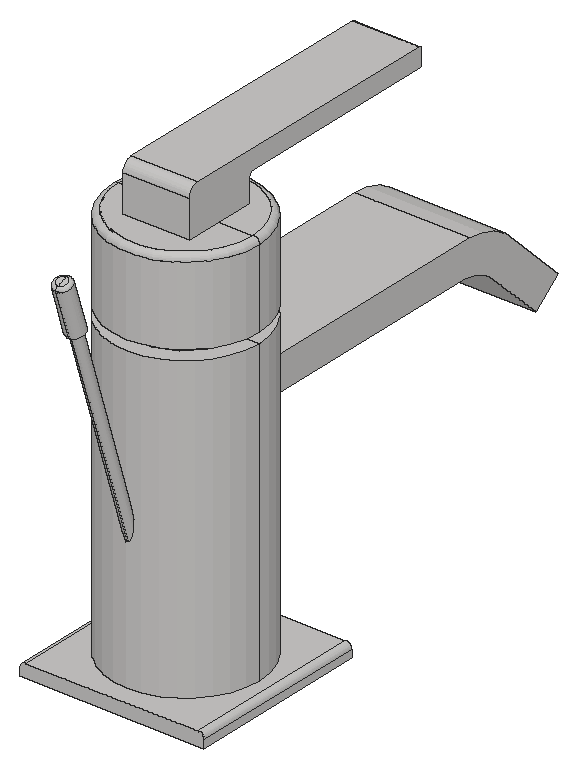
Revit family "SB-2503", category Plumbing Fixtures, Revit 2023
Family settings
  Round Connector Dimension = Use Diameter
  Part Type = Normal
  OmniClass Number = 23.45.00.00
  OmniClass Title = Sanitary, Laundry, and Cleaning Equipment
  Work Plane-Based = No
  Enable Cutting in Views = No
  Always vertical = Yes
  Cut with Voids When Loaded = No
  Maintain Annotation Orientation = No
  Shared = No
  Room Calculation Point = No
Parameters
  Default Elevation = 0"
Reference planes (in)
  plane 1 "Center (Front/Back)": y = 0
  plane 2: z = 0
  plane 3 "Center (Left/Right)": x = 0
  plane 4: z = 0
  plane 5: z = 4.875
  plane 6: z = 0
  plane 7: z = 5.4375
  plane 8: z = 5.4375
  plane 9: x = -0.875
  plane 10: x = 0.875
  plane 11: y = -0.875
  plane 12: y = 0.875
  plane 13: y = 3
  plane 14: y = -0.875
  plane 15: y = 4.6875
  plane 16 "Center L/X": y = 4.5
  plane 17: z = 2.25
  plane 18: y = -1.9375
Forms (in)
  Revolve 1, solid, material "stainless steel"
    sketch origin (0, 0, 0) x (1, 0, 0) y (0, 0, 1)
      loop
        line (0, 0.16137) -> (0.875, 0.16137) -> (0.875, 3.75) -> (0.67524, 3.75) -> (0.67524, 3.87254) -> (0.875, 3.87254) -> (0.875, 4.79961)
        arc (0.875, 4.79961) -> (0.85292, 4.85292) -> (0.79961, 4.875) r 0.07539
        line (0.79961, 4.875) -> (0, 4.875) -> (0, 0.16137)
      axis (0, 4.875) -> (0, 0.16137)
    angle from 0 to 360
  Extrusion 2, solid, material "stainless steel"
    sketch origin (0, 0, 0) x (1, 0, 0) y (0, 0, 1)
      loop
        arc (-1.02051, 0.16162) -> (-1.0723, 0.14017) -> (-1.09375, 0.08838) r 0.07324
        line (-1.09375, 0.08838) -> (-1.09375, 0) -> (1.09375, 0) -> (1.09375, 0.08838)
        arc (1.09375, 0.08838) -> (1.0723, 0.14017) -> (1.02051, 0.16162) r 0.07324
        line (1.02051, 0.16162) -> (-1.02051, 0.16162)
    from -1.09375 to 1.09375
  Extrusion 3, solid, material "stainless steel"
    sketch origin (0, 0, 0) x (0, 1, 0) y (0, 0, 1)
      loop
        line (-0.4375, 5.31529) -> (-0.4375, 4.875) -> (0.4375, 4.875) -> (0.4375, 5.11807)
        arc (0.4375, 5.11807) -> (0.46425, 5.18265) -> (0.52884, 5.20941) r 0.09134
        line (0.52884, 5.20941) -> (2.97638, 5.20941)
        arc (2.97638, 5.20941) -> (2.99158, 5.21645) -> (3, 5.23094) r 0.02787
        line (3, 5.23094) -> (3, 5.41596)
        arc (3, 5.41596) -> (2.99158, 5.43046) -> (2.97638, 5.4375) r 0.02787
        line (2.97638, 5.4375) -> (-0.31529, 5.4375)
        arc (-0.31529, 5.4375) -> (-0.4017, 5.4017) -> (-0.4375, 5.31529) r 0.12221
    from -0.39519 to 0.39519
  Extrusion 4, solid, material "stainless steel"
    sketch origin (0, 0, 0) x (0, 1, 0) y (0, 0, 1)
      loop
        line (4.33597, 2.11828) -> (4.66403, 2.38172) -> (3.88281, 3.16294)
        arc (3.88281, 3.16294) -> (3.63695, 3.28613) -> (3.36581, 3.33206) r 0.93025
        line (3.36581, 3.33206) -> (0.48035, 3.33206) -> (0.48035, 2.92581) -> (3.29152, 2.92581)
        arc (3.29152, 2.92581) -> (3.4876, 2.88817) -> (3.66246, 2.79179) r 0.63815
        line (3.66246, 2.79179) -> (4.33597, 2.11828)
    from -0.6875 to 0.6875
  Revolve 5, solid, material "stainless steel"
    sketch origin (0, 0, 0) x (0, 1, 0) y (0, 0, 1)
      loop
        line (-1.92641, 4.84086) -> (-1.73906, 4.26427) -> (-1.70148, 4.27648) -> (-0.85168, 1.66107) -> (-0.78793, 1.68178) -> (-1.83617, 4.90792) -> (-1.90089, 4.88689)
        arc (-1.90089, 4.88689) -> (-1.92157, 4.86827) -> (-1.92641, 4.84086) r 0.04278
      axis (-1.83617, 4.90792) -> (-0.78793, 1.68178)
    angle from 0 to 360
Dimensions and locks (in)
  Extrusion 2 to Extrusion 2 = 2 3/16"
  plane 8 to level = 5 7/16"
  plane 5 to level = 4 7/8"
  plane 9 to plane 10 = 1 3/4"
  plane 11 to plane 12 = 1 3/4"
  Extrusion 3 to plane 13 = 3 7/16"
  plane 14 to plane 15 = 5 9/16"
  plane 1 "Center (Front/Back)" to plane 16 "Center L/X" = 4 1/2"  (x2)
  plane 17 to level = 2 1/4"
  Extrusion 4 to Extrusion 4 = 1 3/8"
  plane 18 to plane 14 = 1 1/16"
  aligned and locked: level to plane 2
